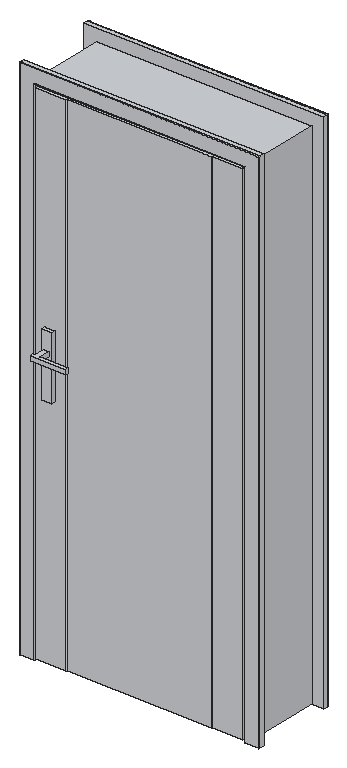
Revit family "PortaVECTORbp_A", category Drzwi, Revit 2016
Family settings
  Obiekt nadrzędny = Ściana
  Zawsze pionowo = Tak
  Tnij formami wycięć po wczytaniu = Nie
  Współdzielony = Nie
  Punkt obliczania pomieszczeń = Nie
Parameters (values of type "PN 80")
  Zakres szerokości muru [instance] = if(and(Szerokość ściany > 94 mm, Szerokość ściany < 120 mm), "B", (if(and(Szerokość ściany > 119 mm, Szerokość ściany < 140 mm), "C", (if(and(Szerokość ściany > 139 mm, Szerokość ściany < 160 mm), "D", (if(and(Szerokość ściany > 159 mm, Szerokość ściany < 180 mm), "E", (if(and(Szerokość ściany > 179 mm, Szerokość ściany < 200 mm), "F", (if(and(Szerokość ściany > 199 mm, Szerokość ściany < 220 mm), "G", (if(and(Szerokość ściany > 219 mm, Szerokość ściany < 240 mm), "H", (if(and(Szerokość ściany > 239 mm, Szerokość ściany < 260 mm), "I", (if(and(Szerokość ściany > 259 mm, Szerokość ściany < 280 mm), "J", (if(and(Szerokość ściany > 279 mm, Szerokość ściany < 301 mm), "K", "BRAK")))))))))))))))))))  # "K"
  Wysokość brutto = 2060 mm
  Szerokość ściany [instance] = 300 mm
  Szerokość brutto = 880 mm
  Model = "Porta Vector A"
  Konstrukcja analityczna = "<Brak>"
  Funkcja = Wewnętrzna
  URL = "www.porta.com.pl"
  Ss = 818 mm
  Sb = 846 mm
  Producent = "PORTA KMI POLAND"
  Keynote = ""
  Opis = "Własność Porta KMI Poland, wszelkie prawa zastrzeżone."  # constant formula
  Wysokość = 2016 mm
  Zakończenie ściany = Wg obiektu nadrzędnego
  Szerokość = 800 mm
  Materiał_skrzydło [instance] = none
  Materiał_ościeżnica [instance] = none
  Materiał_klamka [instance] = none
  Hs = 2017 mm
Types (5, lengths in mm): name | Szerokość brutto | Ss | Sb | Szerokość
  PN 70 | 780 | 718 | 746 | 700
  PN 60 | 680 | 618 | 646 | 600
  PN 80 | 880 | 818 | 846 | 800
  PN 90 | 980 | 918 | 946 | 900
  PN 100 | 1080 | 1018 | 1046 | 1000
Reference planes
  plane 1: y = 0
  plane 2 "Środek (Lewa/Prawa)": x = 0
  plane 3 "Lewy": x = -440
  plane 4 "Prawy": x = 440
  plane 5: z = 2060
  plane 6 "Zewnętrzna": y = 150
  plane 7 "Wewnętrzna": y = -150
  plane 8 "skrzydło": y = -129
Forms (mm)
  Sweep 1, solid, material <- "Materiał_ościeżnica"
    path in 3D
      loop
        line (-440, -150, 0) -> (-440, -150, 2060) -> (440, -150, 2060) -> (440, -150, 0)
    profile origin (-440, -150, 1030) x (0, -1, 0) y (1, 0, 0)
      loop
        line (-24, 39) -> (-72, 39) -> (-72, 17) -> (0, 17) -> (0, -33) -> (16, -33)
        arc (16, -33) -> (18.121, -32.121) -> (19, -30) r 3
        line (19, -30) -> (19, 24)
        arc (19, 24) -> (18.121, 26.121) -> (16, 27) r 3
        line (16, 27) -> (-24, 27) -> (-24, 39)
  Sweep 2, solid, material <- "Materiał_ościeżnica"
    path in 3D
      loop
        line (440, 150, 0) -> (440, 150, 2060) -> (-440, 150, 2060) -> (-440, 150, 0)
    profile origin (-440, 150, 1030) x (1, 0, 0) y (0, 1, 0)
      loop
        line (-33, 0) -> (17, 0) -> (17, -228) -> (39, -228) -> (39, -1)
        arc (39, -1) -> (37.536, 2.536) -> (34, 4) r 5
        line (34, 4) -> (25, 4) -> (25, 16)
        arc (25, 16) -> (24.121, 18.121) -> (22, 19) r 3
        line (22, 19) -> (-30, 19)
        arc (-30, 19) -> (-32.121, 18.121) -> (-33, 16) r 3
        line (-33, 16) -> (-33, 0)
  Sweep 3, solid, not visible
    path in 3D
      loop
        line (-440, -150, 0) -> (-440, -150, 2060)
    profile origin (-440, -150, 1030) x (0, -1, 0) y (1, 0, 0)
      loop
        line (-151, 17) -> (-149, 17) -> (-149, 19) -> (-151, 19) -> (-151, 17)
Cuts and joins
  joined: Sweep 1, Sweep 2
Lines and regions (mm)
  Opening 1
    outline origin (-3050, -150, 0) x (1, 0, 0) y (0, 0, 1)
      loop
        line (2610, 0) -> (3490, 0) -> (3490, 2060) -> (2610, 2060) -> (2610, 0)
  sketch lines
    curve 1: line (-440, -150, 0) -> (-440, -150, 2060)
    curve 2: line (-440, -150, 2060) -> (440, -150, 2060)
    curve 3: line (440, -150, 2060) -> (440, -150, 0)
    curve 4: line (-440, 150, 2060) -> (-440, 150, 0)
    curve 5: line (440, 150, 2060) -> (-440, 150, 2060)
    curve 6: line (440, 150, 0) -> (440, 150, 2060)
    curve 12: line (-440, -150, 0) -> (-440, -150, 2060)
  symbolic lines, style "DoorsPanelProjection"
    curve 7: line (409, -150, 0) -> (409, -968, 0)
    curve 8: line (409, -968, 0) -> (369, -968, 0)
    curve 9: line (369, -968, 0) -> (369, -150, 0)
    curve 10: line (369, -150, 0) -> (409, -150, 0)
  symbolic lines, style "Ugięcie rzutu"
    curve 11: arc (-409, -150, 0) -> (-169.413, -728.413, 0) -> (409, -968, 0) r 818
Text (mm)
  text "Zewnętrzna" at (-2295.016, 1099.543, 0), in view "Poziom odniesienia"
  text "Zewnętrzna" at (0, 1615.38, 3698.081), in view "Lewy"
  text "Zewnętrzna" at (0, 1036.032, 3874.932), in view "Prawy"
Dimensions and locks
  equal spacing: plane 3 "Lewy", plane 2 "Środek (Lewa/Prawa)", plane 4 "Prawy"
  "Szerokość brutto": plane 3 "Lewy" to plane 4 "Prawy"
  "Wysokość brutto": plane 5 to host wall
  host wall to plane 5 = 2060 mm  (x2)
  locked: plane 6 "Zewnętrzna" to host wall at 0
  locked: plane 7 "Wewnętrzna" to host wall
  "Sb": Sweep 1 to Sweep 1
  locked: Sweep 1 sketch curve to Sweep 1 sketch curve at 22
  Sweep 1 sketch curve to Sweep 1 sketch curve = 50 mm
  locked: Sweep 1 sketch curve to profile plane at 72
  locked: Sweep 2 sketch curve to Sweep 2 sketch curve at 50
  locked: Sweep 2 sketch curve to Sweep 2 sketch curve at 22
  locked: Sweep 2 sketch curve to plane 6 "Zewnętrzna" at 1
  locked: curve 9 to curve 7 at 40
  "Ss": curve 8 to curve 10
  equal spacing: curve 11, plane 2 "Środek (Lewa/Prawa)", curve 7
  locked: plane 7 "Wewnętrzna" to plane 8 "skrzydło" at 21
  locked: host wall to Sweep 3 sketch curve at 1
  locked: Sweep 3 sketch curve to host wall at 1
  locked: Sweep 3 sketch curve to plane 6 "Zewnętrzna" at 151
  locked: plane 7 "Wewnętrzna" to Sweep 3 sketch curve at 151
  equal spacing: nested 1, plane 2 "Środek (Lewa/Prawa)", nested 1
  locked: nested 1 to level at 8
  "Szerokość ściany": host wall to host wall
  aligned and locked: plane 3 "Lewy" to Opening 1 sketch curve
  aligned and locked: plane 5 to Opening 1 sketch curve  (x2)
  aligned and locked: Opening 1 sketch curve to plane 4 "Prawy"
  aligned and locked: Opening 1 sketch curve to level
  aligned and locked: plane 1 to host wall
  aligned and locked: Sweep 1 to Sweep 2 sketch curve
  aligned and locked: plane 7 "Wewnętrzna" to curve 10
  aligned and locked: Sweep 3 sketch curve to cut or joined group of Sweep 1, Sweep 2
  aligned and locked: Sweep 2 sketch curve to cut or joined group of Sweep 1, Sweep 2
  aligned and locked: nested 1 to plane 8 "skrzydło"
Automatic sketch dimensions
  profile plane to Sweep 1 sketch curve = 24 mm
  Sweep 1 sketch curve to profile plane = 16 mm  (x2)
  Sweep 1 sketch curve to Sweep 1 sketch curve = 3 mm
  profile plane to Sweep 1 sketch curve = 17 mm
  Sweep 1 sketch curve to Sweep 1 sketch curve = 7 mm
  Sweep 1 sketch curve to profile plane = 0 mm
  Sweep 2 sketch curve to profile plane = 0 mm
  Sweep 2 sketch curve to profile plane = 16 mm
  Sweep 2 sketch curve to Sweep 2 sketch curve = 3 mm
  Sweep 2 sketch curve to Sweep 2 sketch curve = 5 mm
  Sweep 2 sketch curve to profile plane = 4 mm
  Sweep 2 sketch curve to Sweep 2 sketch curve = 8 mm
  curve 11 to host wall = 0 mm
  Sweep 3 sketch curve to Sweep 3 sketch curve = 2 mm
Nested families
  nested 1: "skrzydło" at (0, -135.5, 0), Materiał_klamka <- "Materiał_klamka", Materiał_skrzydło <- "Materiał_skrzydło", type "skrzydło"
    with Materiał_skrzydło none, Materiał_klamka none
Definition of nested family "skrzydło"
  Parameters
    Ss = 818 mm
    Materiał_skrzydło [instance] = none
    Materiał_klamka [instance] = none
    Hs = 2017 mm
  Reference planes
    plane 1 "Tył": y = 6.5
    plane 2: z = 0
    plane 3 "Środek (Lewa/Prawa)": x = 0
    plane 4 "Lewa": x = -409
    plane 5 "Prawa": x = 409
    plane 6 "Przód": y = -33.5
    plane 7: z = 2025
    plane 8 "Centrum": y = -13.5
    plane 9: z = 8
  Forms (mm)
    Extrusion 1, solid, material <- "Materiał_skrzydło"
      sketch origin (-1191.728, -1524, 8) x (-1, 0, 0) y (0, -1, 0)
        loop
          line (-902.728, -1490.5) -> (-903.728, -1491.5) -> (-906.228, -1491.5) -> (-907.228, -1490.5) -> (-1476.228, -1490.5) -> (-1477.228, -1491.5) -> (-1479.728, -1491.5) -> (-1480.728, -1490.5) -> (-1600.728, -1490.5) -> (-1600.728, -1530.5) -> (-1480.728, -1530.5) -> (-1479.728, -1529.5) -> (-1477.228, -1529.5) -> (-1476.228, -1530.5) -> (-907.228, -1530.5) -> (-906.228, -1529.5) -> (-903.728, -1529.5) -> (-902.728, -1530.5) -> (-782.728, -1530.5) -> (-782.728, -1490.5) -> (-902.728, -1490.5)
      from 0 to 2017
  Dimensions and locks
    equal spacing: plane 4 "Lewa", plane 3 "Środek (Lewa/Prawa)", plane 5 "Prawa"
    "Ss": plane 4 "Lewa" to plane 5 "Prawa"
    locked: plane 9 to level at 8
    "Hs": plane 7 to plane 9
    locked: nested 1 to plane 9 at 934
    locked: plane 9 to nested 2 at 934
    equal spacing: plane 6 "Przód", plane 8 "Centrum", plane 1 "Tył"
    locked: plane 4 "Lewa" to Extrusion 1 sketch curve at 120  (x2)
    locked: plane 4 "Lewa" to Extrusion 1 sketch curve at 124.5  (x2)
    locked: Extrusion 1 sketch curve to plane 5 "Prawa" at 120  (x2)
    locked: Extrusion 1 sketch curve to plane 5 "Prawa" at 124.5  (x2)
    locked: plane 4 "Lewa" to nested 1 at 55
    locked: plane 4 "Lewa" to nested 2 at 55
    aligned and locked: nested 1 to plane 6 "Przód"
    aligned and locked: plane 4 "Lewa" to Extrusion 1 sketch curve
    aligned and locked: plane 7 to Extrusion 1
    aligned and locked: nested 2 to nested 1
    aligned and locked: Extrusion 1 sketch curve to plane 5 "Prawa"
    aligned and locked: Extrusion 1 sketch curve to plane 6 "Przód"  (x2)
    aligned and locked: nested 2 to Extrusion 1 sketch curve
    aligned and locked: Extrusion 1 sketch curve to plane 1 "Tył"
  Automatic sketch dimensions
    Extrusion 1 sketch curve to plane 6 "Przód" = 0 mm
    plane 6 "Przód" to Extrusion 1 sketch curve = 1 mm  (x2)
    Extrusion 1 sketch curve to Extrusion 1 sketch curve = 1 mm  (x8)
    plane 1 "Tył" to Extrusion 1 sketch curve = 1 mm  (x2)
    plane 1 "Tył" to Extrusion 1 sketch curve = 0 mm
  Nested families
    nested 1: "KLAMKA" at (-354, -33.5, 1067), Materiał klamki <- "Materiał_klamka", type "KLAMKA"
      with Materiał klamki none
    nested 2: "KLAMKA" at (-354, 6.5, 1067), Materiał klamki <- "Materiał_klamka", type "KLAMKA"
      with Materiał klamki none
  Definition of nested family "KLAMKA"
    Parameters
      Materiał klamki [instance] = none
      Assembly Code = ""
      Default Elevation = 1219.2 mm
    Reference planes
      plane 1 "Center (Front/Back)": y = 0
      plane 2: z = 0
      plane 3 "Center (Left/Right)": x = 0
      plane 4: z = 125
      plane 5: z = -125
      plane 6: x = 20
      plane 7: x = -20
      plane 8: y = -70
      plane 9: y = -60
      plane 10: x = 10
      plane 11: x = -10
      plane 12: x = 120
      plane 13: z = 35
      plane 14: z = 55
      plane 15: y = -15
    Forms (mm)
      Extrusion 1, solid, material <- "Materiał klamki"
        sketch origin (0, 0, 0) x (1, 0, 0) y (0, 0, 1)
          loop
            line (-20, 125) -> (-20, -125) -> (20, -125) -> (20, 125) -> (-20, 125)
        from 0 to 15
      Extrusion 2, solid, material <- "Materiał klamki"
        sketch origin (0, 0, 0) x (1, 0, 0) y (0, 1, 0)
          loop
            line (-10, -15) -> (-10, -60) -> (-20, -60) -> (-20, -70) -> (120, -70) -> (120, -60) -> (10, -60) -> (10, -15) -> (-10, -15)
        from 35 to 55
    Dimensions and locks
      equal spacing: plane 4, plane 2, plane 5
      plane 4 to plane 5 = 250 mm
      equal spacing: plane 7, plane 3 "Center (Left/Right)", plane 6
      plane 7 to plane 6 = 40 mm
      plane 8 to plane 1 "Center (Front/Back)" = 70 mm
      plane 11 to plane 3 "Center (Left/Right)" to plane 10 = 10 mm locked, 10 mm locked
      plane 7 to plane 12 = 140 mm
      plane 15 to plane 1 "Center (Front/Back)" = 15 mm
      aligned and locked: plane 7 to Extrusion 1 sketch curve
      aligned and locked: Extrusion 1 sketch curve to plane 4
      aligned and locked: plane 5 to Extrusion 1 sketch curve
      aligned and locked: Extrusion 1 sketch curve to plane 6
      aligned and locked: plane 15 to Extrusion 1
      aligned and locked: Extrusion 1 to plane 1 "Center (Front/Back)"
      aligned and locked: plane 14 to Extrusion 2
      aligned and locked: Extrusion 2 to plane 13
    Automatic sketch dimensions
      Extrusion 2 sketch curve to plane 7 = 0 mm
      Extrusion 2 sketch curve to plane 9 = 0 mm  (x2)
      Extrusion 2 sketch curve to plane 11 = 0 mm
      Extrusion 2 sketch curve to plane 10 = 0 mm
      Extrusion 2 sketch curve to plane 12 = 0 mm
      Extrusion 2 sketch curve to plane 8 = 0 mm
      Extrusion 2 sketch curve to plane 15 = 0 mm
